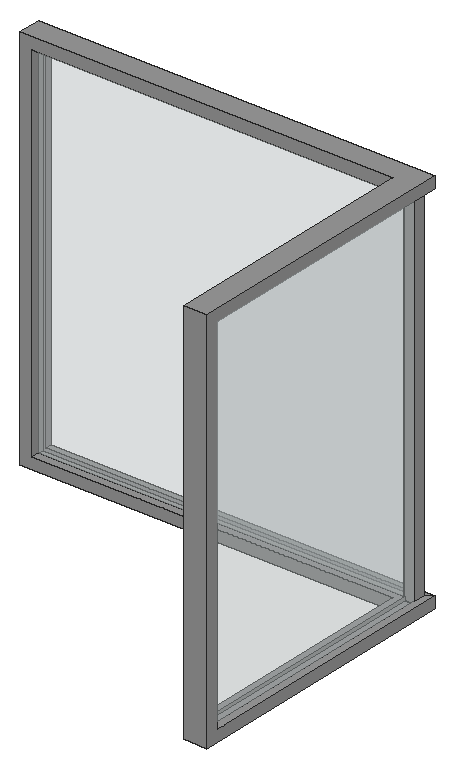
Revit family "Lian - Corner Window - Wood", category Windows, host Wall, Revit 2017
Family settings
  Host = Wall
  Always vertical = Yes
  Cut with Voids When Loaded = No
  Shared = No
  Room Calculation Point = No
Parameters
  hosted on bimbear.com® = "www.bimbear.com"
  Width = [02.6 - Window Width - G1]  # 1745 mm
  URL = "http://www.lian.no"
  Type Image = <None>
  Type Comments = "Wood"
  Rough Width = [02.1 - Opening Width - G1]  # 1750 mm
  Rough Height = [01 - Opening Height]  # 1750 mm
  OFS = [07 - Offset] + 1500 mm  # 1500 mm
  Model = "Corner Window"
  Manufacturer = "Lian"
  Height = [01.5 - Window Height]  # 1740 mm
  GAP = [08 - Sealant Gap] * 2  # 10 mm
  Construction Type = ""
  Assembly Code = ""
  Analytic Construction = "<None>"
  11 - Sound Transmission Class = ""
  10 - Fire Rating = ""
  08 - Sealant Gap = 5 mm
  07 - Offset = 0 mm
  05.5 - Material Glass = Glass
  05.1 - Material Frame = NCS S 0500-N
  02.7 - Window Width - G2 = [02.2 - Opening Width - G2] - [08 - Sealant Gap]  # 1245 mm
  02.6 - Window Width - G1 = [02.1 - Opening Width - G1] - [08 - Sealant Gap]  # 1745 mm
  02.2 - Opening Width - G2 = 1250 mm
  02.1 - Opening Width - G1 = 1750 mm
  01.5 - Window Height = [01 - Opening Height] - GAP  # 1740 mm
  01 - Opening Height = 1750 mm
Reference planes
  plane 1 "Wall": y = 0
  plane 2 "Center (Left/Right)": x = 125
  plane 3 "Back": y = 75
  plane 4: x = -955
  plane 5: z = 1750
  plane 6: x = 625
  plane 7: x = -950
  plane 8: z = 5
  plane 9: z = 1745
  plane 10 "VINDU": y = 0
  plane 11: y = -1500
  plane 12: z = 875
  plane 13: x = -705
  plane 14: x = 795
  plane 15: x = 747.7
  plane 16: y = -1245
  plane 17: y = -47.3
  plane 18: y = -1250
  plane 19: y = 300
  plane 20: x = 1095
Forms (mm)
  Extrusion 1, void
    sketch origin (0, 0, 0) x (1, 0, 0) y (0, 1, 0)
      loop
        line (1095, 300) -> (-955, 300) -> (-955, -1250) -> (1095, -1250) -> (1095, 300)
    from 0 to 1750
Lines and regions (mm)
  symbolic lines, detail levels coarse
    curve 1: line (-955, 0, 0) -> (795, 0, 0)
    curve 2: line (795, -1250, 0) -> (795, 0, 0)
    curve 3: line (125, 0, 0) -> (125, 0, 1750)
    curve 4: line (795, 0, 0) -> (795, 0, 1750)
Text (mm)
  text "Placement Side" at (-1848.837, 1116.779, 0), in view "Ref. Level"
  text "Placement side" at (0, 1409.804, 2854.306), in view "Left"
  text "Placement side" at (0, 499.811, 2980.732), in view "Right"
Dimensions and locks
  locked: plane 3 "Back" to host wall
  "Rough Height": level to plane 5
  "08 - Sealant Gap": plane 4 to plane 7
  "08 - Sealant Gap": plane 9 to plane 5
  "08 - Sealant Gap": level to plane 8
  plane 1 "Wall" to plane 11 = 1500 mm
  "OFS": plane 10 "VINDU" to plane 11
  equal spacing: plane 5, plane 12, level
  "OFS": plane 13 to plane 14
  locked: plane 15 to plane 14 at 47.3
  "02.2 - Opening Width - G2": plane 10 "VINDU" to plane 18
  plane 10 "VINDU" to plane 17 = 47.3 mm
  "08 - Sealant Gap": plane 16 to plane 18
  locked: plane 9 to nested 3 at 41
  locked: plane 8 to nested 3 at 40.972
  "02.1 - Opening Width - G1": plane 4 to plane 14
  locked: plane 14 to plane 20 at 300
  locked: plane 19 to plane 10 "VINDU" at 300
  locked: plane 16 to nested 8 at 41
  locked: plane 7 to nested 7 at 41
  locked: nested 9 to plane 8 at 40.972
  locked: plane 9 to nested 9 at 41
  plane 8 to level = 5 mm
  aligned and locked: plane 1 "Wall" to host wall
  aligned and locked: nested 1 to plane 8
  aligned and locked: nested 1 to plane 10 "VINDU"
  aligned and locked: nested 2 to plane 10 "VINDU"
  aligned and locked: plane 9 to nested 2
  aligned and locked: nested 3 to plane 10 "VINDU"
  aligned and locked: curve 1 to plane 10 "VINDU"
  aligned and locked: curve 2 to plane 14
  aligned and locked: plane 18 to curve 2
  aligned and locked: plane 4 to curve 1
  aligned and locked: nested 4 to plane 10 "VINDU"
  aligned and locked: plane 19 to Extrusion 1 sketch curve
  aligned and locked: Extrusion 1 sketch curve to plane 20
  aligned and locked: Extrusion 1 sketch curve to plane 18
  aligned and locked: plane 10 "VINDU" to nested 5
  aligned and locked: nested 5 to plane 7
  aligned and locked: nested 6 to plane 14
  aligned and locked: nested 6 to plane 16
  aligned and locked: nested 7 to plane 10 "VINDU"
  aligned and locked: plane 14 to nested 8
  aligned and locked: plane 17 to nested 8
  aligned and locked: nested 7 to plane 15
  aligned and locked: plane 8 to nested 11
  aligned and locked: nested 11 to plane 14
  aligned and locked: nested 10 to plane 14
  aligned and locked: nested 10 to plane 9
  aligned and locked: plane 14 to nested 9
  aligned and locked: Extrusion 1 sketch curve to plane 4
  aligned and locked: nested 12 to plane 14
  aligned and locked: nested 12 to plane 10 "VINDU"
  aligned and locked: plane 10 "VINDU" to curve 3
  aligned and locked: level to curve 3
  aligned and locked: plane 5 to curve 3
  aligned and locked: curve 4 to plane 14
  aligned and locked: level to curve 4
  aligned and locked: plane 5 to curve 4
  aligned and locked: nested 4 to plane 9
  aligned and locked: nested 4 to plane 8
  aligned and locked: nested 4 to plane 16
  aligned and locked: nested 4 to plane 7
  aligned and locked: Extrusion 1 to plane 5
Nested families
  nested 1: "FV-T-V0104-06" at (1225, 0, 5) x (0, 1, 0) z (-1, 0, 0), type "FV-T-V0104-06"
  nested 2: "FV-T-V0104-03-09" at (825, 0, 1745) x (0, 1, 0) z (1, 0, 0), type "FV-T-V0104-03-09"
  nested 3: "3Glass2D" at (125, 0, 1704) x (0, -1, 0) z (1, 0, 0), type "3Glass2D"
    with h 1658.028 mm
  nested 4: "CornerWindowW" at (-250, 0, 875), type "CornerWindowW"
    with w2 1245 mm, w1 1745 mm, h1 1740 mm
  nested 5: "FV-T-V0104-03-09" at (-950, 0, 0) x (0, 1, 0) z (0, 0, 1), type "FV-T-V0104-03-09"
  nested 6: "FV-T-V0104-03-09" at (795, -1245, 0) x (1, 0, 0) z (0, 0, -1), type "FV-T-V0104-03-09"
  nested 7: "3Glass2D" at (-909, 0, 0) x (0, -1, 0) z (0, 0, 1), type "3Glass2D"
    with h 1656.7 mm
  nested 8: "3Glass2D" at (795, -47.3, 0) x (-1, 0, 0) z (0, 0, 1), type "3Glass2D"
    with h 1156.7 mm
  nested 9: "3Glass2D" at (795, 0, 1704) x (-1, 0, 0) z (0, -1, 0), type "3Glass2D"
    with h 1658.028 mm
  nested 10: "FV-T-V0104-03-09" at (795, 0, 1745) x (1, 0, 0) z (0, -1, 0), type "FV-T-V0104-03-09"
  nested 11: "FV-T-V0104-06" at (795, 0, 5) x (1, 0, 0) z (0, -1, 0), type "FV-T-V0104-06"
  nested 12: "Cornerdetail" at (795, 0, 0), type "Cornerdetail"
Definition of nested family "CornerWindowW"
  Parameters (values of type "CornerWindowW")
    w2 [instance] = 1400 mm
    w1 [instance] = 1750 mm
    karm = none
    h1 [instance] = 1800 mm
    glass = none
    Default Elevation = 1219.2 mm
    Analytic Construction = "<None>"
  Reference planes
    plane 1 "Center (Front/Back)": y = 0
    plane 2: z = 0
    plane 3 "Center (Left/Right)": x = -700
    plane 4: x = 1050
    plane 5: z = 900
    plane 6: y = -1400
    plane 7: y = -47.3
    plane 8: y = -1359
    plane 9: z = -900
  Forms (mm)
    Extrusion 1, void
      sketch origin (0, 0, 0) x (1, 0, 0) y (0, 1, 0)
        loop
          line (-700, 0) -> (-700, -1400) -> (1050, -1400) -> (1050, 0) -> (-700, 0)
      from -900 to 900
    Sweep 2, solid, material <- "karm"
      path in 3D
        loop
          line (1050, 0, 900) -> (1050, -1400, 900) -> (1050, -1400, -900) -> (1050, 0, -900) -> (-700, 0, -900) -> (-700, 0, 900) -> (1050, 0, 900)
      profile origin (175, 0, 900) x (0, -1, 0) y (0, 0, -1)
        loop
          line (76.025, 0) -> (76.025, 55) -> (44, 55) -> (44, 41) -> (0, 41) -> (0, 56.226) -> (-28.975, 52.668) -> (-28.975, 0) -> (76.025, 0)
    Extrusion 3, solid, material <- "glass"
      sketch origin (0, 0, 0) x (1, 0, 0) y (0, 1, 0)
        loop
          line (-659, 0) -> (-659, -44) -> (1002.7, -44) -> (1002.7, 0) -> (-659, 0)
      from -859 to 859
    Extrusion 4, solid, material <- "glass"
      sketch origin (0, 0, 0) x (1, 0, 0) y (0, 1, 0)
        loop
          line (1050, -1359) -> (1050, -47.3) -> (1006, -47.3) -> (1006, -1359) -> (1050, -1359)
      from -859 to 859
    Extrusion 5, solid, material <- "karm"
      sketch origin (0, 0, 0) x (1, 0, 0) y (0, 1, 0)
        loop
          line (1053, 3) -> (1003, 3) -> (1003, -47) -> (1053, -47) -> (1053, 3)
      from -859 to 859
  Cuts and joins
    joined: Sweep 2, Extrusion 5
  Lines and regions (mm)
    sketch lines
      curve 1: line (-700, 0, 900) -> (1050, 0, 900)
      curve 2: line (1050, 0, -900) -> (-700, 0, -900)
      curve 3: line (-700, 0, -900) -> (-700, 0, 900)
      curve 4: line (1050, 0, 900) -> (1050, -1400, 900)
      curve 5: line (1050, -1400, -900) -> (1050, -1400, 900)
      curve 6: line (1050, -1400, -900) -> (1050, 0, -900)
  Dimensions and locks
    "w1": plane 3 "Center (Left/Right)" to plane 4
    "h1": plane 5 to Extrusion 1
    "w2": plane 1 "Center (Front/Back)" to plane 6
    locked: plane 3 "Center (Left/Right)" to Sweep 2 at 41
    Extrusion 3 sketch curve to plane 4 = 47.3 mm
    locked: Sweep 2 to plane 1 "Center (Front/Back)" at 44
    Extrusion 3 to plane 2 = 859 mm
    locked: plane 5 to Extrusion 3 at 41
    locked: Sweep 2 to plane 6 at 41
    locked: Sweep 2 to plane 4 at 44
    locked: Extrusion 4 to plane 5 at 41
    plane 2 to Extrusion 4 = 859 mm
    locked: plane 1 "Center (Front/Back)" to Extrusion 4 at 47.3
    locked: Extrusion 3 to plane 4 at 47.3
    locked: plane 4 to Extrusion 5 sketch curve at 3
    locked: plane 1 "Center (Front/Back)" to Extrusion 5 sketch curve at 3
    Extrusion 5 to plane 2 = 859 mm
    locked: Extrusion 5 to plane 5 at 41
    locked: plane 6 to plane 8 at 41
    equal spacing: plane 5, level, plane 9
    "h1": plane 5 to plane 9
    locked: Extrusion 3 to plane 9 at 41
    locked: Extrusion 4 to plane 9 at 41
    locked: cut or joined group of Sweep 2, Extrusion 5 to plane 9 at 41
    aligned and locked: level to plane 2
    aligned and locked: Extrusion 1 sketch curve to plane 6
    aligned and locked: plane 3 "Center (Left/Right)" to Extrusion 1 sketch curve
    aligned and locked: Extrusion 1 to plane 1 "Center (Front/Back)"
    aligned and locked: Extrusion 1 to plane 6
    aligned and locked: plane 1 "Center (Front/Back)" to Extrusion 3 sketch curve
    aligned and locked: Extrusion 4 sketch curve to plane 4
    aligned and locked: Extrusion 1 to plane 5
    aligned and locked: Extrusion 1 to plane 9
  Automatic sketch dimensions
    profile plane to Sweep 2 sketch curve = 0 mm
    Sweep 2 sketch curve to profile plane = 0 mm
    profile plane to Sweep 2 sketch curve = 28.975 mm
    Sweep 2 sketch curve to profile plane = 44 mm
    Sweep 2 sketch curve to Sweep 2 sketch curve = 32.025 mm
    profile plane to Sweep 2 sketch curve = 41 mm
    Sweep 2 sketch curve to Sweep 2 sketch curve = 11.668 mm
    Sweep 2 sketch curve to Sweep 2 sketch curve = 14 mm
    Sweep 2 sketch curve to Sweep 2 sketch curve = 15.226 mm
    plane 1 "Center (Front/Back)" to Extrusion 1 sketch curve = 0 mm
    Extrusion 1 sketch curve to plane 4 = 0 mm
    plane 3 "Center (Left/Right)" to Extrusion 3 sketch curve = 41 mm
    plane 1 "Center (Front/Back)" to Extrusion 3 sketch curve = 44 mm
    Extrusion 4 sketch curve to plane 4 = 44 mm
    plane 6 to Extrusion 4 sketch curve = 41 mm
    plane 1 "Center (Front/Back)" to Extrusion 4 sketch curve = 47.3 mm
    plane 7 to Extrusion 5 sketch curve = 0.3 mm
    Extrusion 5 sketch curve to plane 4 = 47 mm
Definition of nested family "FV-T-V0104-06"
  Reference planes
    plane 1 "Center (Front/Back)": y = 0
    plane 2: z = 0
    plane 3 "Center (Left/Right)": x = 0
  Lines and regions (mm)
    Filled region 1, type "LianTre", in view "Ref. Level", detail levels fine
      outline origin (29, 0, 0) x (1, 0, 0) y (0, 1, 0)
        loop
          line (-1.756, 27.884) -> (-76, 37) -> (-76, 46.5) -> (-79.5, 46.5) -> (-79.5, 49.5) -> (-76, 49.5) -> (-76, 54)
          arc (-76, 54) -> (-76.293, 54.707) -> (-77, 55) r 1
          line (-77, 55) -> (-103, 55)
          arc (-103, 55) -> (-104.414, 54.414) -> (-105, 53) r 2
          line (-105, 53) -> (-105, 19) -> (-96, 19) -> (-96, 9) -> (-105, 9) -> (-105, 2)
          arc (-105, 2) -> (-104.414, 0.586) -> (-103, 0) r 2
          line (-103, 0) -> (-90, 0) -> (-90, 1) -> (-45, 1)
          arc (-45, 1) -> (-42.879, 1.879) -> (-42, 4) r 3
          line (-42, 4) -> (-42, 8) -> (-35, 8) -> (-35, 4)
          arc (-35, 4) -> (-34.121, 1.879) -> (-32, 1) r 3
          line (-32, 1) -> (-30, 1) -> (-30, 0) -> (-21, 0)
          arc (-21, 0) -> (-19.586, 0.586) -> (-19, 2) r 2
          line (-19, 2) -> (-19, 14) -> (-15, 14) -> (-15, 6.617) -> (-2.518, 3.273)
          arc (-2.518, 3.273) -> (-0.782, 3.618) -> (0, 5.205) r 2
          line (0, 5.205) -> (0, 25.899)
          arc (0, 25.899) -> (-0.502, 27.224) -> (-1.756, 27.884) r 2
    Filled region 2, type "Solid Fill - Black", in view "Ref. Level", detail levels fine
      outline origin (-1.65, 116.695, 0) x (0, 1, 0) y (-1, 0, 0)
        loop
          line (-71.113, -7.237) -> (-71.069, -6.175) -> (-70.717, -4.655) -> (-68.868, -4.605) -> (-67.509, -1.69) -> (-68.966, -2.855) -> (-71.921, -2.841) -> (-73.92, -1.68) -> (-73.689, -2.855) -> (-78.891, -2.832) -> (-80.365, -1.655) -> (-78.839, -4.655) -> (-72.978, -4.737) -> (-72.682, -6.246) -> (-72.682, -7.237) -> (-73.397, -6.903) -> (-72.893, -7.69) -> (-71.897, -8.155) -> (-70.836, -7.66) -> (-70.397, -6.903) -> (-71.113, -7.237)
    Filled region 3, type "Solid Fill - Black", in view "Ref. Level", detail levels fine
      outline origin (-42.345, 119.897, 0) x (1, 0, 0) y (0, 1, 0)
        loop
          line (-7.237, -71.113) -> (-6.903, -70.397) -> (-7.66, -70.836) -> (-8.155, -71.897) -> (-7.69, -72.893) -> (-6.903, -73.397) -> (-7.237, -72.682) -> (-6.246, -72.682) -> (-4.737, -72.978) -> (-4.655, -78.839) -> (-1.655, -80.365) -> (-2.832, -78.891) -> (-2.855, -73.689) -> (-1.68, -73.92) -> (-2.841, -71.921) -> (-2.855, -68.966) -> (-1.69, -67.509) -> (-4.605, -68.868) -> (-4.655, -70.717) -> (-6.175, -71.069) -> (-7.237, -71.113)
    Masking region 1, in view "Ref. Level", detail levels medium
      outline origin (29, 0, 0) x (1, 0, 0) y (0, 1, 0)
        loop
          line (-29, 41) -> (-73, 41) -> (-73, 55) -> (-105, 55) -> (-105, 0) -> (0, 0) -> (0, 39.758) -> (-29, 50.353) -> (-29, 41)
    detail lines, in view "Ref. Level", detail levels fine
      curve 1: line (-44, 36.632, 0) -> (0, 41, 0)
      curve 2: line (0, 41, 0) -> (0, 31.229, 0)
      curve 3: line (0, 31.229, 0) -> (-44, 41, 0)
      curve 4: line (-44, 41, 0) -> (-44, 36.632, 0)
      curve 5: line (-44, 41, 0) -> (0, 41, 0)
      curve 6: line (29, 25.899, 0) -> (29, 5.205, 0)
      curve 7: arc (37, 26.336, 0) -> (36.854, 25.983, 0) -> (36.5, 25.836, 0) r 0.5
      curve 8: arc (36.5, 25.836, 0) -> (36.146, 25.983, 0) -> (36, 26.336, 0) r 0.5
      curve 9: arc (36, 35.785, 0) -> (35.91, 36.072, 0) -> (35.672, 36.255, 0) r 0.5
      curve 10: arc (7.963, 46.379, 0) -> (7.433, 46.257, 0) -> (7.327, 45.724, 0) r 0.5
      curve 11: arc (7.327, 45.724, 0) -> (7.411, 44.119, 0) -> (6.5, 42.794, 0) r 2.5
      curve 12: arc (6.5, 35.01, 0) -> (6.854, 34.863, 0) -> (7, 34.51, 0) r 0.5
      curve 13: arc (7, 34.01, 0) -> (6.854, 33.656, 0) -> (6.5, 33.51, 0) r 0.5
      curve 14: arc (6.5, 33.51, 0) -> (5.965, 33.608, 0) -> (5.5, 33.892, 0) r 1.5
      curve 15: arc (5.5, 41.798, 0) -> (5.354, 42.152, 0) -> (5, 42.298, 0) r 0.5
      curve 16: arc (3.5, 42.298, 0) -> (3.146, 42.444, 0) -> (3, 42.798, 0) r 0.5
      curve 17: arc (3, 42.798, 0) -> (3.146, 43.152, 0) -> (3.5, 43.298, 0) r 0.5
      curve 18: arc (5.005, 43.298, 0) -> (6.505, 44.798, 0) -> (5.005, 46.298, 0) r 1.5
      curve 19: arc (3.5, 46.298, 0) -> (3.146, 46.444, 0) -> (3, 46.798, 0) r 0.5
      curve 20: arc (3, 50.91, 0) -> (3.196, 51.307, 0) -> (3.629, 51.393, 0) r 0.5
      curve 21: arc (7.459, 50.367, 0) -> (7.726, 50.189, 0) -> (7.83, 49.884, 0) r 0.5
      curve 22: arc (7.83, 49.268, 0) -> (7.683, 48.914, 0) -> (7.33, 48.768, 0) r 0.5
      curve 23: arc (6.83, 49.117, 0) -> (6.726, 49.421, 0) -> (6.459, 49.6, 0) r 0.5
      curve 24: arc (4.629, 50.09, 0) -> (4.196, 50.004, 0) -> (4, 49.607, 0) r 0.5
      curve 25: arc (4, 49.241, 0) -> (4.09, 48.955, 0) -> (4.328, 48.771, 0) r 0.5
      curve 26: arc (36.672, 36.956, 0) -> (36.91, 36.773, 0) -> (37, 36.486, 0) r 0.5
      curve 27: line (36, 26.336, 0) -> (36, 35.785, 0)
      curve 28: line (35.672, 36.255, 0) -> (7.963, 46.379, 0)
      curve 29: line (6.5, 42.794, 0) -> (6.5, 35.01, 0)
      curve 30: line (7, 34.51, 0) -> (7, 34.01, 0)
      curve 31: line (5.5, 33.892, 0) -> (5.5, 41.798, 0)
      curve 32: line (5, 42.298, 0) -> (3.5, 42.298, 0)
      curve 33: line (3.5, 43.298, 0) -> (5.005, 43.298, 0)
      curve 34: line (5.005, 46.298, 0) -> (3.5, 46.298, 0)
      curve 35: line (3, 46.798, 0) -> (3, 50.91, 0)
      curve 36: line (3.629, 51.393, 0) -> (7.459, 50.367, 0)
      curve 37: line (7.83, 49.884, 0) -> (7.83, 49.268, 0)
      curve 38: line (7.33, 48.768, 0) -> (6.83, 48.768, 0)
      curve 39: line (6.83, 48.768, 0) -> (6.83, 49.117, 0)
      curve 40: line (6.459, 49.6, 0) -> (4.629, 50.09, 0)
      curve 41: line (4, 49.607, 0) -> (4, 49.241, 0)
      curve 42: line (4.328, 48.771, 0) -> (36.672, 36.956, 0)
      curve 43: line (37, 36.486, 0) -> (37, 26.336, 0)
      curve 44: arc (6.45, 33.064, 0) -> (6.836, 33.191, 0) -> (7, 33.562, 0) r 0.5
      curve 45: arc (7, 34.51, 0) -> (6.854, 34.863, 0) -> (6.5, 35.01, 0) r 0.5
      curve 46: arc (9.178, 41.523, 0) -> (9.031, 41.49, 0) -> (8.931, 41.377, 0) r 0.25
      curve 47: arc (10, 41.227, 0) -> (9.934, 41.396, 0) -> (9.77, 41.476, 0) r 0.25
      curve 48: arc (22.107, 30.976, 0) -> (22.299, 31.04, 0) -> (22.381, 31.225, 0) r 0.25
      curve 49: arc (24.85, 39.919, 0) -> (24.682, 40.223, 0) -> (24.356, 40.343, 0) r 0.5
      curve 50: arc (22.881, 40.343, 0) -> (22.528, 40.196, 0) -> (22.381, 39.843, 0) r 0.5
      curve 51: arc (24.332, 28.242, 0) -> (24.717, 28.368, 0) -> (24.881, 28.739, 0) r 0.5
      curve 52: arc (1.25, 42.096, 0) -> (1.073, 42.023, 0) -> (1, 41.846, 0) r 0.25
      curve 53: arc (2.044, 41.901, 0) -> (1.956, 42.041, 0) -> (1.801, 42.096, 0) r 0.25
      curve 54: line (3.92, 33.66, 0) -> (2.044, 41.901, 0)
      curve 55: line (4.358, 33.273, 0) -> (6.45, 33.064, 0)
      curve 56: line (7, 33.562, 0) -> (7, 34.51, 0)
      curve 57: line (6.5, 35.01, 0) -> (6.5, 36.01, 0)
      curve 58: line (6.5, 36.01, 0) -> (8.931, 41.377, 0)
      curve 59: line (9.77, 41.476, 0) -> (9.178, 41.523, 0)
      curve 60: line (10, 32.793, 0) -> (10, 41.227, 0)
      curve 61: line (10.225, 32.544, 0) -> (22.107, 30.976, 0)
      curve 62: line (22.381, 39.843, 0) -> (22.381, 31.225, 0)
      curve 63: line (24.881, 28.739, 0) -> (24.881, 33.187, 0)
      curve 64: line (24.881, 33.187, 0) -> (25.866, 33.36, 0)
      curve 65: line (25.866, 33.36, 0) -> (24.85, 39.919, 0)
      curve 66: line (24.356, 40.343, 0) -> (22.881, 40.343, 0)
      curve 67: line (1, 31.549, 0) -> (1, 41.846, 0)
      curve 68: line (1.25, 42.096, 0) -> (1.801, 42.096, 0)
      curve 69: arc (1, 31.549, 0) -> (1.129, 31.213, 0) -> (1.45, 31.051, 0) r 0.5
      curve 70: arc (10, 32.793, 0) -> (10.065, 32.625, 0) -> (10.225, 32.544, 0) r 0.25
      curve 71: arc (3.92, 33.66, 0) -> (4.077, 33.396, 0) -> (4.358, 33.273, 0) r 0.5
Definition of nested family "FV-T-V0104-03-09"
  Reference planes
    plane 1 "Center (Front/Back)": y = 0
    plane 2: z = 0
    plane 3 "Center (Left/Right)": x = 0
  Lines and regions (mm)
    Filled region 1, type "Solid Fill - Black", in view "Ref. Level", detail levels fine
      outline origin (-1.655, 23.897, 0) x (0, 1, 0) y (-1, 0, 0)
        loop
          line (-71.113, -7.237) -> (-71.069, -6.175) -> (-70.717, -4.655) -> (-68.868, -4.605) -> (-67.509, -1.69) -> (-68.966, -2.855) -> (-71.921, -2.841) -> (-73.92, -1.68) -> (-73.689, -2.855) -> (-78.891, -2.832) -> (-80.365, -1.655) -> (-78.839, -4.655) -> (-72.978, -4.737) -> (-72.682, -6.246) -> (-72.682, -7.237) -> (-73.397, -6.903) -> (-72.893, -7.69) -> (-71.897, -8.155) -> (-70.836, -7.66) -> (-70.397, -6.903) -> (-71.113, -7.237)
    Filled region 2, type "Solid Fill - Black", in view "Ref. Level", detail levels fine
      outline origin (-42.345, 23.897, 0) x (1, 0, 0) y (0, 1, 0)
        loop
          line (-7.237, -71.113) -> (-6.903, -70.397) -> (-7.66, -70.836) -> (-8.155, -71.897) -> (-7.69, -72.893) -> (-6.903, -73.397) -> (-7.237, -72.682) -> (-6.246, -72.682) -> (-4.737, -72.978) -> (-4.655, -78.839) -> (-1.655, -80.365) -> (-2.832, -78.891) -> (-2.855, -73.689) -> (-1.68, -73.92) -> (-2.841, -71.921) -> (-2.855, -68.966) -> (-1.69, -67.509) -> (-4.605, -68.868) -> (-4.655, -70.717) -> (-6.175, -71.069) -> (-7.237, -71.113)
    Filled region 3, type "LianTre", in view "Ref. Level", detail levels fine
      outline origin (83.905, -104.985, 0) x (1, 0, 0) y (0, 1, 0)
        loop
          arc (-159.913, 51.985) -> (-159.327, 50.571) -> (-157.913, 49.985) r 2
          line (-157.913, 49.985) -> (-131.905, 49.985)
          arc (-131.905, 49.985) -> (-131.198, 50.278) -> (-130.905, 50.985) r 1
          line (-130.905, 50.985) -> (-130.905, 55.485) -> (-134.405, 55.485) -> (-134.405, 58.485) -> (-130.905, 58.485) -> (-130.905, 67.985) -> (-56.913, 67.985)
          arc (-56.913, 67.985) -> (-55.498, 68.571) -> (-54.913, 69.985) r 2
          line (-54.913, 69.985) -> (-54.913, 102.985)
          arc (-54.913, 102.985) -> (-55.498, 104.399) -> (-56.913, 104.985) r 2
          line (-56.913, 104.985) -> (-84.913, 104.985) -> (-84.913, 103.985) -> (-86.913, 103.985)
          arc (-86.913, 103.985) -> (-89.034, 103.106) -> (-89.913, 100.985) r 3
          line (-89.913, 100.985) -> (-89.913, 96.985) -> (-96.913, 96.985) -> (-96.913, 100.985)
          arc (-96.913, 100.985) -> (-97.791, 103.106) -> (-99.913, 103.985) r 3
          line (-99.913, 103.985) -> (-144.913, 103.985) -> (-144.913, 104.985) -> (-157.913, 104.985)
          arc (-157.913, 104.985) -> (-159.327, 104.399) -> (-159.913, 102.985) r 2
          line (-159.913, 102.985) -> (-159.913, 95.985) -> (-150.913, 95.985) -> (-150.913, 85.985) -> (-159.913, 85.985) -> (-159.913, 51.985)
    Masking region 1, in view "Ref. Level", detail levels medium
      outline origin (28.992, 0, 0) x (1, 0, 0) y (0, 1, 0)
        loop
          line (-105, 0) -> (-105, -55) -> (-72.992, -55) -> (-72.992, -41) -> (-28.992, -41) -> (-28.992, -56.269) -> (0, -47.405) -> (0, 0) -> (-105, 0)
    model lines, in view "Ref. Level", detail levels fine
      curve 1: arc (3, -54, 0) -> (3.405, -54.804, 0) -> (4.292, -54.956, 0) r 1
      curve 2: arc (19.462, -50.319, 0) -> (22.019, -48.511, 0) -> (23, -45.537, 0) r 5
      curve 3: line (23, -45.537, 0) -> (23, -39, 0)
      curve 4: line (23, -39, 0) -> (20, -39, 0)
      curve 5: line (20, -39, 0) -> (20, -37, 0)
      curve 6: line (3, -37, 0) -> (3, -46.5, 0)
      curve 7: line (3, -46.5, 0) -> (6.5, -46.5, 0)
      curve 8: line (6.5, -46.5, 0) -> (6.5, -49.5, 0)
      curve 9: line (6.5, -49.5, 0) -> (3, -49.5, 0)
      curve 10: line (3, -49.5, 0) -> (3, -54, 0)
      curve 11: line (4.292, -54.956, 0) -> (19.462, -50.319, 0)
      curve 12: line (-44, -37, 0) -> (0, -41, 0)
      curve 13: line (0, -41, 0) -> (0, -37, 0)
      curve 14: line (0, -37, 0) -> (-44, -41, 0)
      curve 15: line (-44, -41, 0) -> (-44, -37, 0)
      curve 16: line (0, -41, 0) -> (-44, -41, 0)
Definition of nested family "3Glass2D"
  Parameters (values of type "3Glass2D")
    h [instance] = 126.931 mm
  Reference planes
    plane 1 "Center (Front/Back)": y = 0
    plane 2: z = 0
    plane 3 "Center (Left/Right)": x = 0
    plane 4: y = 126.931
  Lines and regions (mm)
    Filled region 1, type "Glass Hatch", in view "Ref. Level", detail levels fine
      outline origin (305.983, -18.8, 0) x (1, 0, 0) y (0, 1, 0)
        loop
          line (-261.983, 18.8) -> (-261.983, 145.731) -> (-265.983, 145.731) -> (-265.983, 18.8) -> (-261.983, 18.8)
        loop
          line (-281.983, 18.8) -> (-281.983, 145.731) -> (-285.983, 145.731) -> (-285.983, 18.8) -> (-281.983, 18.8)
        loop
          line (-301.983, 18.8) -> (-301.983, 145.731) -> (-305.983, 145.731) -> (-305.983, 18.8) -> (-301.983, 18.8)
    Masking region 1, in view "Ref. Level", detail levels medium
      outline origin (0, 0, 0) x (1, 0, 0) y (0, 1, 0)
        loop
          line (44, 0) -> (44, 126.931) -> (0, 126.931) -> (0, 0) -> (44, 0)
    Masking region 2, in view "Ref. Level", detail levels fine
      outline origin (0, 0, 0) x (1, 0, 0) y (0, 1, 0)
        loop
          line (4, 12) -> (4, 0) -> (20, 0) -> (20, 12) -> (4, 12)
        loop
          line (6, 10) -> (6, 2) -> (18, 2) -> (18, 10) -> (6, 10)
        loop
          line (24, 12) -> (24, 0) -> (40, 0) -> (40, 12) -> (24, 12)
        loop
          line (38, 2) -> (38, 10) -> (26, 10) -> (26, 2) -> (38, 2)
    Masking region 3, in view "Ref. Level", detail levels fine
      outline origin (0, 126.931, 0) x (0, -1, 0) y (1, 0, 0)
        loop
          line (12, 4) -> (12, 20) -> (0, 20) -> (0, 4) -> (12, 4)
        loop
          line (10, 6) -> (10, 18) -> (2, 18) -> (2, 6) -> (10, 6)
        loop
          line (12, 24) -> (12, 40) -> (0, 40) -> (0, 24) -> (12, 24)
        loop
          line (2, 38) -> (2, 26) -> (10, 26) -> (10, 38) -> (2, 38)
  Dimensions and locks
    "h": plane 1 "Center (Front/Back)" to plane 4
    aligned and locked: plane 4 to Filled region 1  (x3)
    aligned and locked: plane 1 "Center (Front/Back)" to Filled region 1  (x3)
    aligned and locked: Filled region 1 sketch curve to plane 1 "Center (Front/Back)"  (x3)
    aligned and locked: plane 1 "Center (Front/Back)" to Masking region 1
    aligned and locked: plane 4 to Masking region 1
  Automatic sketch dimensions
    Filled region 1 sketch curve to plane 3 "Center (Left/Right)" = 0 mm
    Filled region 1 sketch curve to plane 4 = 0 mm  (x3)
    plane 3 "Center (Left/Right)" to Filled region 1 sketch curve = 4 mm
    Filled region 1 sketch curve to Filled region 1 sketch curve = 16 mm  (x2)
    Filled region 1 sketch curve to Filled region 1 sketch curve = 4 mm  (x2)
    Masking region 1 sketch curve to plane 3 "Center (Left/Right)" = 0 mm
    plane 3 "Center (Left/Right)" to Masking region 1 sketch curve = 44 mm
    plane 1 "Center (Front/Back)" to Masking region 2 sketch curve = 0 mm  (x2)
    plane 3 "Center (Left/Right)" to Masking region 2 sketch curve = 4 mm
    Masking region 2 sketch curve to Masking region 2 sketch curve = 2 mm  (x6)
    Masking region 2 sketch curve to Masking region 2 sketch curve = 12 mm  (x2)
    Masking region 2 sketch curve to Masking region 2 sketch curve = 4 mm
    Masking region 2 sketch curve to plane 1 "Center (Front/Back)" = 2 mm  (x2)
    Masking region 2 sketch curve to Masking region 2 sketch curve = 8 mm  (x2)
    Masking region 3 sketch curve to plane 4 = 0 mm  (x2)
    Masking region 3 sketch curve to plane 4 = 2 mm  (x2)
    Masking region 3 sketch curve to Masking region 3 sketch curve = 8 mm  (x2)
    Masking region 3 sketch curve to Masking region 3 sketch curve = 2 mm  (x6)
    plane 3 "Center (Left/Right)" to Masking region 3 sketch curve = 4 mm
    Masking region 3 sketch curve to Masking region 3 sketch curve = 12 mm  (x2)
    Masking region 3 sketch curve to Masking region 3 sketch curve = 4 mm
    plane 4 to Masking region 1 sketch curve = 0 mm
    plane 1 "Center (Front/Back)" to Masking region 1 sketch curve = 0 mm
Definition of nested family "Cornerdetail"
  Reference planes
    plane 1 "Center (Front/Back)": y = 0
    plane 2: z = 0
    plane 3 "Center (Left/Right)": x = 0
  Lines and regions (mm)
    Filled region 1, type "LianTre", in view "Ref. Level", detail levels fine
      outline origin (0, 0, 0) x (1, 0, 0) y (0, 1, 0)
        loop
          line (-47.3, 0) -> (-47.3, -45) -> (-45, -45) -> (-45, -47.3) -> (0, -47.3) -> (0, 0) -> (-47.3, 0)
    Filled region 2, type "Solid Fill - Black", in view "Ref. Level", detail levels fine
      outline origin (281.848, -71.767, 0) x (1, 0, 0) y (0, 1, 0)
        loop
          line (-281.848, 17.767) -> (-281.848, 8.767) -> (-280.848, 8.767) -> (-280.848, 17.767) -> (-281.848, 17.767)
        loop
          line (-326.848, 19.712) -> (-326.848, 10.767) -> (-325.848, 10.767) -> (-325.848, 19.712) -> (-326.848, 19.712)
        loop
          line (-333.848, 27.767) -> (-342.848, 27.767) -> (-342.848, 26.767) -> (-333.848, 26.767) -> (-333.848, 27.767)
        loop
          line (-335.848, 72.767) -> (-344.781, 72.767) -> (-344.781, 71.767) -> (-335.848, 71.767) -> (-335.848, 72.767)
    Masking region 1, in view "Ref. Level", detail levels fine
      outline origin (311.2, -95.665, 0) x (1, 0, 0) y (0, 1, 0)
        loop
          line (-308.2, 98.665) -> (-373.2, 98.665) -> (-373.2, 96.665) -> (-310.2, 96.665) -> (-310.2, 33.665) -> (-308.2, 33.665) -> (-308.2, 98.665)
        loop
          line (-356.2, 50.665) -> (-371.2, 50.665) -> (-371.2, 48.665) -> (-358.2, 48.665) -> (-358.2, 35.665) -> (-356.2, 35.665) -> (-356.2, 50.665)
        loop
          line (-355.7, 93.665) -> (-356.95, 93.665) -> (-356.95, 53.45) -> (-353.415, 49.915) -> (-313.2, 49.915) -> (-313.2, 51.165) -> (-352.897, 51.165) -> (-355.7, 53.968) -> (-355.7, 93.665)
    Masking region 2, in view "Ref. Level", detail levels medium
      outline origin (0, 0, 0) x (1, 0, 0) y (0, 1, 0)
        loop
          line (-47.3, 0) -> (-47.3, -47.3) -> (0, -47.3) -> (0, 0) -> (-47.3, 0)
